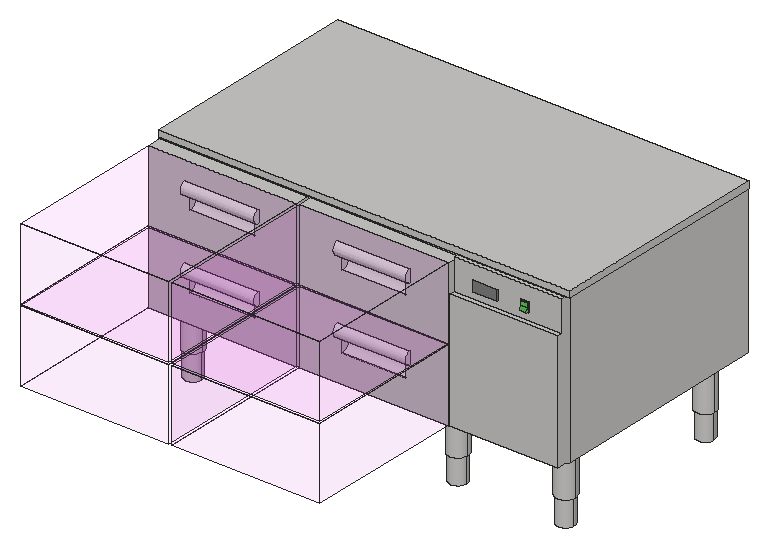
Revit family "QF_ZANUSSI_372295_Z7TTBECOMIN", category Specialty Equipment, Revit 2018
Family settings
  Round Connector Dimension = Use Diameter
  Part Type = Normal
  Work Plane-Based = No
  Always vertical = Yes
  Cut with Voids When Loaded = No
  Shared = No
  Room Calculation Point = No
Parameters (values of type "Standard")
  Weight = 95.00 kg
  Watts = 0 W
  Volts = 230 V
  URL Manufacturer = "http://www.zanussiprofessional.com"
  URL = "http://www.zanussiprofessional.com"
  Steam Supply Size = 0 mm
  Steam Supply Minimum Pressure = 0.0 Pa
  Steam Supply Maximum Pressure = 0.0 Pa
  Steam Pounds per Hour = 0
  Show Clearance [instance] = yes
  Refrigeration Suction Line Size = 0 mm
  Refrigeration Liquid Line Size = 0 mm
  Refrigerant Compressor Remote = yes
  Manufacturer = "Zanussi"
  Phase = 1
  Model = "Z7TTBECOMIN"
  Length Actual = 1200 mm  # constant formula
  Item Number = "372295"
  Hot Water Size = 0 mm
  Height Actual = 600 mm  # constant formula
  HP = "0.5 HP"
  Gas Size = 0 mm
  Gas KW = 0
  Gas Input Pressure = 0 W
  Direct Waste Size = 12.7 mm
  Description = "REFRIGERATED BASE WITH 4 DRAWERS 1200MM - R290"
  Depth Actual = 700 mm  # constant formula
  Cycle = 50 Hz
  Condensate Return Size = 0 mm
  Compressed Air Volume = 0.0 L/s
  Compressed Air Size = 0 mm
  Compressed Air Pressure = 0.0 Pa
  Cold Water Size = 0 mm
  Accessory = yes
Values of the unnamed type that differ from the named types
  Volts = 0 V
  URL Manufacturer = ""
  Item Number = ""
  Cycle = 0 Hz
Reference planes
  plane 1 "Center X": y = -65.55
  plane 2: z = 0
  plane 3 "Centro (Sinistra/Destra)": x = 0
  plane 4: y = -315.05
  plane 5: y = 194.95
  plane 6 "BACK": y = 282.95
  plane 7 "FRONT": y = -414.05
  plane 8: y = -881.83
  plane 9: x = -544
  plane 10: x = 544
  plane 11: y = -369.551
  plane 12: x = 230
  plane 13: z = 200
  plane 14 "TOP": z = 630
  plane 15: z = 415
  plane 16 "LEFT": x = -600
  plane 17 "RIGHT": x = 600
Forms (mm)
  Extrusion 1, solid, material "QF_Finishes_Stainless Steel"
    sketch origin (-1022.223, -1524, 200) x (-1, 0, 0) y (0, -1, 0)
      loop
        line (-423.223, -1806.95) -> (-423.223, -1154.449) -> (-1621.223, -1154.449) -> (-1621.223, -1806.95) -> (-423.223, -1806.95)
    from 0 to 430
  Extrusion 2, solid, material "QF_Finishes_Stainless Steel"
    sketch origin (599, 0, 0) x (0, 1, 0) y (0, 0, 1)
      loop
        line (-369.551, 629.527) -> (-386.314, 640.994) -> (-397.65, 640.994) -> (-397.65, 549.796) -> (-414.05, 549.796) -> (-414.05, 204.796) -> (-384.714, 204.796) -> (-374.993, 200) -> (-369.551, 200) -> (-369.551, 629.527)
    from 0 to -313
  Extrusion 3, solid, material "QF_Finishes_Black"
    sketch origin (567.8, -397.65, 630.994) x (0, 0, -1) y (1, 0, 0)
      loop
        line (32.198, -86.899) -> (61.199, -86.899) -> (61.199, -64.9) -> (32.198, -64.9) -> (32.198, -86.899)
    from 0 to 1.6
  Extrusion 4, solid, material "QF_Finishes_Grey"
    sketch origin (589, -397.65, 630.994) x (0, 0, -1) y (1, 0, 0)
      loop
        line (32.198, -248.099) -> (61.199, -248.099) -> (61.199, -178.099) -> (32.198, -178.099) -> (32.198, -248.099)
    from 0 to 1.6
  Extrusion 5, solid, material "QF_Finishes_Green"
    sketch origin (502.9, -397.65, 598.796) x (0, 0, -1) y (0, 1, 0)
      loop
        line (2.279, -3.281) -> (14.5, -3.281) -> (25.308, -8.985)
        arc (25.308, -8.985) -> (26.537, -5.394) -> (26.605, -1.6) r 12.221
        line (26.605, -1.6) -> (2.395, -1.6)
        arc (2.395, -1.6) -> (2.308, -2.439) -> (2.279, -3.281) r 12.221
    from -20 to -2
  Extrusion 6, solid, material "QF_Finishes_Stainless Steel"
    sketch origin (-1022.223, -1524, 200) x (-1, 0, 0) y (0, -1, 0)
      loop
        circle (-1581.223, -1646.95) r 12
    from -10 to 0
  Extrusion 7, solid, material "QF_Finishes_Stainless Steel"
    sketch origin (-599, 0, -5) x (0, 1, 0) y (0, 0, 1)
      loop
        line (-369.551, 635) -> (282.95, 635) -> (282.95, 655) -> (-369.551, 655) -> (-369.551, 635)
    from 1198 to 0
  Extrusion 8, solid, material "QF_Finishes_Handrails and Railings"
    sketch origin (-394.028, -157.946, 1924.198) x (0, 0.885087, 0.465426) y (0, -0.465426, 0.885087)
      loop
        arc (-854.629, -1074.965) -> (-878.641, -1082.427) -> (-871.18, -1106.439) r 17.78
        line (-871.18, -1106.439) -> (-854.629, -1074.965)
    from -93.472 to 121.528
  Extrusion 9, solid, material "QF_Finishes_Stainless Steel"
    sketch origin (-594.053, 285.95, 14.715) x (0, 1, 0) y (0, 0, 1)
      loop
        line (-700, 486.991) -> (-660.001, 486.991) -> (-660.001, 530.285) -> (-678.147, 530.285) -> (-678.147, 511.464)
        arc (-678.147, 511.464) -> (-684.405, 495.059) -> (-700, 486.991) r 24.63
    from 118.753 to 309.354
  Extrusion 10, solid, material "QF_Finishes_Handrails and Railings"
    sketch origin (47.972, -157.946, 1924.198) x (0, 0.885087, 0.465426) y (0, -0.465426, 0.885087)
      loop
        arc (-854.629, -1074.965) -> (-878.641, -1082.427) -> (-871.18, -1106.439) r 17.78
        line (-871.18, -1106.439) -> (-854.629, -1074.965)
    from -89.472 to 121.528
  Extrusion 11, solid, material "QF_Finishes_Stainless Steel"
    sketch origin (-152.053, 285.95, 14.715) x (0, 1, 0) y (0, 0, 1)
      loop
        line (-700, 486.991) -> (-660.001, 486.991) -> (-660.001, 530.285) -> (-678.147, 530.285) -> (-678.147, 511.464)
        arc (-678.147, 511.464) -> (-684.405, 495.059) -> (-700, 486.991) r 24.63
    from 122.753 to 309.354
  Extrusion 12, solid, material "QF_Door-Drawer Clearances", visible <- "Show Clearance"
    sketch origin (200, -414.05, 0) x (1, 0, 0) y (0, 0, 1)
      loop
        line (-795, 629.2) -> (-795, 418.503) -> (-360.999, 418.503) -> (-360.999, 629.2) -> (-795, 629.2)
      loop
        line (-353, 629.2) -> (-353, 418.9) -> (81, 418.9) -> (81, 629.2) -> (-353, 629.2)
    from 0 to 467.78
  Extrusion 13, solid, material "QF_Finishes_Stainless Steel"
    sketch origin (0, -414.05, 0) x (-1, 0, 0) y (0, 0, 1)
      loop
        line (595, 629.2) -> (160.999, 629.2) -> (160.999, 418.503) -> (595, 418.503) -> (595, 629.2)
      loop
        line (153, 629.2) -> (-281, 629.2) -> (-281, 418.9) -> (153, 418.9) -> (153, 629.2)
      loop
        line (475.3, 501.706) -> (475.3, 545) -> (284.699, 545) -> (284.699, 501.706) -> (475.3, 501.706)
      loop
        line (29.3, 501.706) -> (29.3, 545) -> (-157.301, 545) -> (-157.301, 501.706) -> (29.3, 501.706)
    from 0 to 40
  Extrusion 14, solid, material "QF_Finishes_Handrails and Railings"
    sketch origin (-394.028, -157.946, 1709.198) x (0, 0.885087, 0.465426) y (0, -0.465426, 0.885087)
      loop
        arc (-854.629, -1074.965) -> (-878.641, -1082.427) -> (-871.18, -1106.439) r 17.78
        line (-871.18, -1106.439) -> (-854.629, -1074.965)
    from -93.472 to 121.528
  Extrusion 15, solid, material "QF_Finishes_Stainless Steel"
    sketch origin (-594.053, 285.95, -200.285) x (0, 1, 0) y (0, 0, 1)
      loop
        line (-700, 486.991) -> (-660.001, 486.991) -> (-660.001, 530.285) -> (-678.147, 530.285) -> (-678.147, 511.464)
        arc (-678.147, 511.464) -> (-684.405, 495.059) -> (-700, 486.991) r 24.63
    from 118.753 to 309.354
  Extrusion 16, solid, material "QF_Finishes_Handrails and Railings"
    sketch origin (47.972, -157.946, 1709.198) x (0, 0.885087, 0.465426) y (0, -0.465426, 0.885087)
      loop
        arc (-854.629, -1074.965) -> (-878.641, -1082.427) -> (-871.18, -1106.439) r 17.78
        line (-871.18, -1106.439) -> (-854.629, -1074.965)
    from -89.472 to 121.528
  Extrusion 17, solid, material "QF_Finishes_Stainless Steel"
    sketch origin (-152.053, 285.95, -200.285) x (0, 1, 0) y (0, 0, 1)
      loop
        line (-700, 486.991) -> (-660.001, 486.991) -> (-660.001, 530.285) -> (-678.147, 530.285) -> (-678.147, 511.464)
        arc (-678.147, 511.464) -> (-684.405, 495.059) -> (-700, 486.991) r 24.63
    from 122.753 to 309.354
  Extrusion 18, solid, material "QF_Door-Drawer Clearances", visible <- "Show Clearance"
    sketch origin (200, -414.05, -215) x (1, 0, 0) y (0, 0, 1)
      loop
        line (-795, 629.2) -> (-795, 418.503) -> (-360.999, 418.503) -> (-360.999, 629.2) -> (-795, 629.2)
      loop
        line (-353, 629.2) -> (-353, 418.9) -> (81, 418.9) -> (81, 629.2) -> (-353, 629.2)
    from 0 to 467.78
  Extrusion 19, solid, material "QF_Finishes_Stainless Steel"
    sketch origin (0, -414.05, -215) x (-1, 0, 0) y (0, 0, 1)
      loop
        line (595, 629.2) -> (160.999, 629.2) -> (160.999, 418.503) -> (595, 418.503) -> (595, 629.2)
      loop
        line (153, 629.2) -> (-281, 629.2) -> (-281, 418.9) -> (153, 418.9) -> (153, 629.2)
      loop
        line (475.3, 501.706) -> (475.3, 545) -> (284.699, 545) -> (284.699, 501.706) -> (475.3, 501.706)
      loop
        line (29.3, 501.706) -> (29.3, 545) -> (-157.301, 545) -> (-157.301, 501.706) -> (29.3, 501.706)
    from 0 to 40
Lines and regions (mm)
  Split face 1
    outline origin (589, -399.25, 630.994) x (0, 0, -1) y (1, 0, 0)
      loop
        line (37.198, -238.099) -> (52.198, -238.099) -> (52.198, -188.099) -> (37.198, -188.099) -> (37.198, -238.099)
  Split face 2
    outline origin (589, -399.25, 630.994) x (0, 0, -1) y (1, 0, 0)
      loop
        line (59.151, -238.099) -> (59.151, -227.099) -> (54.151, -227.099) -> (54.151, -238.099) -> (59.151, -238.099)
  Split face 3
    outline origin (589, -399.25, 630.994) x (0, 0, -1) y (1, 0, 0)
      loop
        line (54.151, -225.099) -> (59.151, -225.099) -> (59.151, -214.099) -> (54.151, -214.099) -> (54.151, -225.099)
  Split face 4
    outline origin (602, -399.25, 630.994) x (0, 0, -1) y (1, 0, 0)
      loop
        line (54.151, -225.099) -> (59.151, -225.099) -> (59.151, -214.099) -> (54.151, -214.099) -> (54.151, -225.099)
  Split face 5
    outline origin (615, -399.25, 630.994) x (0, 0, -1) y (1, 0, 0)
      loop
        line (54.151, -225.099) -> (59.151, -225.099) -> (59.151, -214.099) -> (54.151, -214.099) -> (54.151, -225.099)
  Split face 6
    outline origin (296, -414.05, 713.499) x (1, 0, 0) y (0, 0, 1)
      loop
        arc (52.48, -282.599) -> (56.5, -278.61) -> (52.5, -274.599) r 4
        line (52.5, -274.599) -> (20.5, -274.599)
        arc (20.5, -274.599) -> (16.5, -278.61) -> (20.521, -282.599) r 4
        line (20.521, -282.599) -> (52.48, -282.599)
  Split face 7
    outline origin (296, -414.05, 725.499) x (1, 0, 0) y (0, 0, 1)
      loop
        arc (52.48, -282.599) -> (56.5, -278.61) -> (52.5, -274.599) r 4
        line (52.5, -274.599) -> (20.5, -274.599)
        arc (20.5, -274.599) -> (16.5, -278.61) -> (20.521, -282.599) r 4
        line (20.521, -282.599) -> (52.48, -282.599)
  Split face 8
    outline origin (296, -414.05, 737.499) x (1, 0, 0) y (0, 0, 1)
      loop
        arc (52.48, -282.599) -> (56.5, -278.61) -> (52.5, -274.599) r 4
        line (52.5, -274.599) -> (20.5, -274.599)
        arc (20.5, -274.599) -> (16.5, -278.61) -> (20.521, -282.599) r 4
        line (20.521, -282.599) -> (52.48, -282.599)
  Split face 9
    outline origin (296, -414.05, 749.396) x (1, 0, 0) y (0, 0, 1)
      loop
        arc (52.48, -282.599) -> (56.5, -278.61) -> (52.5, -274.599) r 4
        line (52.5, -274.599) -> (20.5, -274.599)
        arc (20.5, -274.599) -> (16.5, -278.61) -> (20.521, -282.599) r 4
        line (20.521, -282.599) -> (52.48, -282.599)
  Split face 10
    outline origin (296, -414.05, 761.395) x (1, 0, 0) y (0, 0, 1)
      loop
        arc (52.48, -282.599) -> (56.5, -278.61) -> (52.5, -274.599) r 4
        line (52.5, -274.599) -> (20.5, -274.599)
        arc (20.5, -274.599) -> (16.5, -278.61) -> (20.521, -282.599) r 4
        line (20.521, -282.599) -> (52.48, -282.599)
  Split face 11
    outline origin (296, -414.05, 773.395) x (1, 0, 0) y (0, 0, 1)
      loop
        arc (52.48, -282.599) -> (56.5, -278.61) -> (52.5, -274.599) r 4
        line (52.5, -274.599) -> (20.5, -274.599)
        arc (20.5, -274.599) -> (16.5, -278.61) -> (20.521, -282.599) r 4
        line (20.521, -282.599) -> (52.48, -282.599)
  Split face 12
    outline origin (296, -414.05, 785.395) x (1, 0, 0) y (0, 0, 1)
      loop
        arc (52.48, -282.599) -> (56.5, -278.61) -> (52.5, -274.599) r 4
        line (52.5, -274.599) -> (20.5, -274.599)
        arc (20.5, -274.599) -> (16.5, -278.61) -> (20.521, -282.599) r 4
        line (20.521, -282.599) -> (52.48, -282.599)
  Split face 13
    outline origin (296, -414.05, 797.395) x (1, 0, 0) y (0, 0, 1)
      loop
        arc (52.48, -282.599) -> (56.5, -278.61) -> (52.5, -274.599) r 4
        line (52.5, -274.599) -> (20.5, -274.599)
        arc (20.5, -274.599) -> (16.5, -278.61) -> (20.521, -282.599) r 4
        line (20.521, -282.599) -> (52.48, -282.599)
  Split face 14
    outline origin (296, -414.05, 809.395) x (1, 0, 0) y (0, 0, 1)
      loop
        arc (52.48, -282.599) -> (56.5, -278.61) -> (52.5, -274.599) r 4
        line (52.5, -274.599) -> (20.5, -274.599)
        arc (20.5, -274.599) -> (16.5, -278.61) -> (20.521, -282.599) r 4
        line (20.521, -282.599) -> (52.48, -282.599)
  Split face 15
    outline origin (296, -414.05, 701.499) x (1, 0, 0) y (0, 0, 1)
      loop
        arc (52.48, -282.599) -> (56.5, -278.61) -> (52.5, -274.599) r 4
        line (52.5, -274.599) -> (20.5, -274.599)
        arc (20.5, -274.599) -> (16.5, -278.61) -> (20.521, -282.599) r 4
        line (20.521, -282.599) -> (52.48, -282.599)
  Split face 16
    outline origin (296, -414.05, 605.603) x (1, 0, 0) y (0, 0, 1)
      loop
        arc (52.48, -282.599) -> (56.5, -278.61) -> (52.5, -274.599) r 4
        line (52.5, -274.599) -> (20.5, -274.599)
        arc (20.5, -274.599) -> (16.5, -278.61) -> (20.521, -282.599) r 4
        line (20.521, -282.599) -> (52.48, -282.599)
  Split face 17
    outline origin (296, -414.05, 617.603) x (1, 0, 0) y (0, 0, 1)
      loop
        arc (52.48, -282.599) -> (56.5, -278.61) -> (52.5, -274.599) r 4
        line (52.5, -274.599) -> (20.5, -274.599)
        arc (20.5, -274.599) -> (16.5, -278.61) -> (20.521, -282.599) r 4
        line (20.521, -282.599) -> (52.48, -282.599)
  Split face 18
    outline origin (296, -414.05, 629.602) x (1, 0, 0) y (0, 0, 1)
      loop
        arc (52.48, -282.599) -> (56.5, -278.61) -> (52.5, -274.599) r 4
        line (52.5, -274.599) -> (20.5, -274.599)
        arc (20.5, -274.599) -> (16.5, -278.61) -> (20.521, -282.599) r 4
        line (20.521, -282.599) -> (52.48, -282.599)
  Split face 19
    outline origin (296, -414.05, 677.499) x (1, 0, 0) y (0, 0, 1)
      loop
        arc (52.48, -282.599) -> (56.5, -278.61) -> (52.5, -274.599) r 4
        line (52.5, -274.599) -> (20.5, -274.599)
        arc (20.5, -274.599) -> (16.5, -278.61) -> (20.521, -282.599) r 4
        line (20.521, -282.599) -> (52.48, -282.599)
  Split face 20
    outline origin (296, -414.05, 689.499) x (1, 0, 0) y (0, 0, 1)
      loop
        arc (52.48, -282.599) -> (56.5, -278.61) -> (52.5, -274.599) r 4
        line (52.5, -274.599) -> (20.5, -274.599)
        arc (20.5, -274.599) -> (16.5, -278.61) -> (20.521, -282.599) r 4
        line (20.521, -282.599) -> (52.48, -282.599)
  Split face 21
    outline origin (296, -414.05, 593.603) x (1, 0, 0) y (0, 0, 1)
      loop
        arc (52.48, -282.599) -> (56.5, -278.61) -> (52.5, -274.599) r 4
        line (52.5, -274.599) -> (20.5, -274.599)
        arc (20.5, -274.599) -> (16.5, -278.61) -> (20.521, -282.599) r 4
        line (20.521, -282.599) -> (52.48, -282.599)
  Split face 22
    outline origin (296, -414.05, 497.707) x (1, 0, 0) y (0, 0, 1)
      loop
        arc (52.48, -282.599) -> (56.5, -278.61) -> (52.5, -274.599) r 4
        line (52.5, -274.599) -> (20.5, -274.599)
        arc (20.5, -274.599) -> (16.5, -278.61) -> (20.521, -282.599) r 4
        line (20.521, -282.599) -> (52.48, -282.599)
  Split face 23
    outline origin (296, -414.05, 509.707) x (1, 0, 0) y (0, 0, 1)
      loop
        arc (52.48, -282.599) -> (56.5, -278.61) -> (52.5, -274.599) r 4
        line (52.5, -274.599) -> (20.5, -274.599)
        arc (20.5, -274.599) -> (16.5, -278.61) -> (20.521, -282.599) r 4
        line (20.521, -282.599) -> (52.48, -282.599)
  Split face 24
    outline origin (296, -414.05, 521.706) x (1, 0, 0) y (0, 0, 1)
      loop
        arc (52.48, -282.599) -> (56.5, -278.61) -> (52.5, -274.599) r 4
        line (52.5, -274.599) -> (20.5, -274.599)
        arc (20.5, -274.599) -> (16.5, -278.61) -> (20.521, -282.599) r 4
        line (20.521, -282.599) -> (52.48, -282.599)
  Split face 25
    outline origin (296, -414.05, 533.604) x (1, 0, 0) y (0, 0, 1)
      loop
        arc (52.48, -282.599) -> (56.5, -278.61) -> (52.5, -274.599) r 4
        line (52.5, -274.599) -> (20.5, -274.599)
        arc (20.5, -274.599) -> (16.5, -278.61) -> (20.521, -282.599) r 4
        line (20.521, -282.599) -> (52.48, -282.599)
  Split face 26
    outline origin (296, -414.05, 545.603) x (1, 0, 0) y (0, 0, 1)
      loop
        arc (52.48, -282.599) -> (56.5, -278.61) -> (52.5, -274.599) r 4
        line (52.5, -274.599) -> (20.5, -274.599)
        arc (20.5, -274.599) -> (16.5, -278.61) -> (20.521, -282.599) r 4
        line (20.521, -282.599) -> (52.48, -282.599)
  Split face 27
    outline origin (296, -414.05, 557.603) x (1, 0, 0) y (0, 0, 1)
      loop
        arc (52.48, -282.599) -> (56.5, -278.61) -> (52.5, -274.599) r 4
        line (52.5, -274.599) -> (20.5, -274.599)
        arc (20.5, -274.599) -> (16.5, -278.61) -> (20.521, -282.599) r 4
        line (20.521, -282.599) -> (52.48, -282.599)
  Split face 28
    outline origin (296, -414.05, 569.603) x (1, 0, 0) y (0, 0, 1)
      loop
        arc (52.48, -282.599) -> (56.5, -278.61) -> (52.5, -274.599) r 4
        line (52.5, -274.599) -> (20.5, -274.599)
        arc (20.5, -274.599) -> (16.5, -278.61) -> (20.521, -282.599) r 4
        line (20.521, -282.599) -> (52.48, -282.599)
  Split face 29
    outline origin (296, -414.05, 581.603) x (1, 0, 0) y (0, 0, 1)
      loop
        arc (52.48, -282.599) -> (56.5, -278.61) -> (52.5, -274.599) r 4
        line (52.5, -274.599) -> (20.5, -274.599)
        arc (20.5, -274.599) -> (16.5, -278.61) -> (20.521, -282.599) r 4
        line (20.521, -282.599) -> (52.48, -282.599)
  Split face 30
    outline origin (351, -414.05, 713.499) x (1, 0, 0) y (0, 0, 1)
      loop
        arc (52.48, -282.599) -> (56.5, -278.61) -> (52.5, -274.599) r 4
        line (52.5, -274.599) -> (20.5, -274.599)
        arc (20.5, -274.599) -> (16.5, -278.61) -> (20.521, -282.599) r 4
        line (20.521, -282.599) -> (52.48, -282.599)
  Split face 31
    outline origin (351, -414.05, 725.499) x (1, 0, 0) y (0, 0, 1)
      loop
        arc (52.48, -282.599) -> (56.5, -278.61) -> (52.5, -274.599) r 4
        line (52.5, -274.599) -> (20.5, -274.599)
        arc (20.5, -274.599) -> (16.5, -278.61) -> (20.521, -282.599) r 4
        line (20.521, -282.599) -> (52.48, -282.599)
  Split face 32
    outline origin (351, -414.05, 737.499) x (1, 0, 0) y (0, 0, 1)
      loop
        arc (52.48, -282.599) -> (56.5, -278.61) -> (52.5, -274.599) r 4
        line (52.5, -274.599) -> (20.5, -274.599)
        arc (20.5, -274.599) -> (16.5, -278.61) -> (20.521, -282.599) r 4
        line (20.521, -282.599) -> (52.48, -282.599)
  Split face 33
    outline origin (351, -414.05, 749.396) x (1, 0, 0) y (0, 0, 1)
      loop
        arc (52.48, -282.599) -> (56.5, -278.61) -> (52.5, -274.599) r 4
        line (52.5, -274.599) -> (20.5, -274.599)
        arc (20.5, -274.599) -> (16.5, -278.61) -> (20.521, -282.599) r 4
        line (20.521, -282.599) -> (52.48, -282.599)
  Split face 34
    outline origin (351, -414.05, 761.395) x (1, 0, 0) y (0, 0, 1)
      loop
        arc (52.48, -282.599) -> (56.5, -278.61) -> (52.5, -274.599) r 4
        line (52.5, -274.599) -> (20.5, -274.599)
        arc (20.5, -274.599) -> (16.5, -278.61) -> (20.521, -282.599) r 4
        line (20.521, -282.599) -> (52.48, -282.599)
  Split face 35
    outline origin (351, -414.05, 773.395) x (1, 0, 0) y (0, 0, 1)
      loop
        arc (52.48, -282.599) -> (56.5, -278.61) -> (52.5, -274.599) r 4
        line (52.5, -274.599) -> (20.5, -274.599)
        arc (20.5, -274.599) -> (16.5, -278.61) -> (20.521, -282.599) r 4
        line (20.521, -282.599) -> (52.48, -282.599)
  Split face 36
    outline origin (351, -414.05, 785.395) x (1, 0, 0) y (0, 0, 1)
      loop
        arc (52.48, -282.599) -> (56.5, -278.61) -> (52.5, -274.599) r 4
        line (52.5, -274.599) -> (20.5, -274.599)
        arc (20.5, -274.599) -> (16.5, -278.61) -> (20.521, -282.599) r 4
        line (20.521, -282.599) -> (52.48, -282.599)
  Split face 37
    outline origin (351, -414.05, 797.395) x (1, 0, 0) y (0, 0, 1)
      loop
        arc (52.48, -282.599) -> (56.5, -278.61) -> (52.5, -274.599) r 4
        line (52.5, -274.599) -> (20.5, -274.599)
        arc (20.5, -274.599) -> (16.5, -278.61) -> (20.521, -282.599) r 4
        line (20.521, -282.599) -> (52.48, -282.599)
  Split face 38
    outline origin (351, -414.05, 809.395) x (1, 0, 0) y (0, 0, 1)
      loop
        arc (52.48, -282.599) -> (56.5, -278.61) -> (52.5, -274.599) r 4
        line (52.5, -274.599) -> (20.5, -274.599)
        arc (20.5, -274.599) -> (16.5, -278.61) -> (20.521, -282.599) r 4
        line (20.521, -282.599) -> (52.48, -282.599)
  Split face 39
    outline origin (351, -414.05, 701.499) x (1, 0, 0) y (0, 0, 1)
      loop
        arc (52.48, -282.599) -> (56.5, -278.61) -> (52.5, -274.599) r 4
        line (52.5, -274.599) -> (20.5, -274.599)
        arc (20.5, -274.599) -> (16.5, -278.61) -> (20.521, -282.599) r 4
        line (20.521, -282.599) -> (52.48, -282.599)
  Split face 40
    outline origin (351, -414.05, 605.603) x (1, 0, 0) y (0, 0, 1)
      loop
        arc (52.48, -282.599) -> (56.5, -278.61) -> (52.5, -274.599) r 4
        line (52.5, -274.599) -> (20.5, -274.599)
        arc (20.5, -274.599) -> (16.5, -278.61) -> (20.521, -282.599) r 4
        line (20.521, -282.599) -> (52.48, -282.599)
  Split face 41
    outline origin (351, -414.05, 617.603) x (1, 0, 0) y (0, 0, 1)
      loop
        arc (52.48, -282.599) -> (56.5, -278.61) -> (52.5, -274.599) r 4
        line (52.5, -274.599) -> (20.5, -274.599)
        arc (20.5, -274.599) -> (16.5, -278.61) -> (20.521, -282.599) r 4
        line (20.521, -282.599) -> (52.48, -282.599)
  Split face 42
    outline origin (351, -414.05, 629.602) x (1, 0, 0) y (0, 0, 1)
      loop
        arc (52.48, -282.599) -> (56.5, -278.61) -> (52.5, -274.599) r 4
        line (52.5, -274.599) -> (20.5, -274.599)
        arc (20.5, -274.599) -> (16.5, -278.61) -> (20.521, -282.599) r 4
        line (20.521, -282.599) -> (52.48, -282.599)
  Split face 43
    outline origin (351, -414.05, 677.499) x (1, 0, 0) y (0, 0, 1)
      loop
        arc (52.48, -282.599) -> (56.5, -278.61) -> (52.5, -274.599) r 4
        line (52.5, -274.599) -> (20.5, -274.599)
        arc (20.5, -274.599) -> (16.5, -278.61) -> (20.521, -282.599) r 4
        line (20.521, -282.599) -> (52.48, -282.599)
  Split face 44
    outline origin (351, -414.05, 689.499) x (1, 0, 0) y (0, 0, 1)
      loop
        arc (52.48, -282.599) -> (56.5, -278.61) -> (52.5, -274.599) r 4
        line (52.5, -274.599) -> (20.5, -274.599)
        arc (20.5, -274.599) -> (16.5, -278.61) -> (20.521, -282.599) r 4
        line (20.521, -282.599) -> (52.48, -282.599)
  Split face 45
    outline origin (351, -414.05, 593.603) x (1, 0, 0) y (0, 0, 1)
      loop
        arc (52.48, -282.599) -> (56.5, -278.61) -> (52.5, -274.599) r 4
        line (52.5, -274.599) -> (20.5, -274.599)
        arc (20.5, -274.599) -> (16.5, -278.61) -> (20.521, -282.599) r 4
        line (20.521, -282.599) -> (52.48, -282.599)
  Split face 46
    outline origin (351, -414.05, 497.707) x (1, 0, 0) y (0, 0, 1)
      loop
        arc (52.48, -282.599) -> (56.5, -278.61) -> (52.5, -274.599) r 4
        line (52.5, -274.599) -> (20.5, -274.599)
        arc (20.5, -274.599) -> (16.5, -278.61) -> (20.521, -282.599) r 4
        line (20.521, -282.599) -> (52.48, -282.599)
  Split face 47
    outline origin (351, -414.05, 509.707) x (1, 0, 0) y (0, 0, 1)
      loop
        arc (52.48, -282.599) -> (56.5, -278.61) -> (52.5, -274.599) r 4
        line (52.5, -274.599) -> (20.5, -274.599)
        arc (20.5, -274.599) -> (16.5, -278.61) -> (20.521, -282.599) r 4
        line (20.521, -282.599) -> (52.48, -282.599)
  Split face 48
    outline origin (351, -414.05, 521.706) x (1, 0, 0) y (0, 0, 1)
      loop
        arc (52.48, -282.599) -> (56.5, -278.61) -> (52.5, -274.599) r 4
        line (52.5, -274.599) -> (20.5, -274.599)
        arc (20.5, -274.599) -> (16.5, -278.61) -> (20.521, -282.599) r 4
        line (20.521, -282.599) -> (52.48, -282.599)
  Split face 49
    outline origin (351, -414.05, 533.604) x (1, 0, 0) y (0, 0, 1)
      loop
        arc (52.48, -282.599) -> (56.5, -278.61) -> (52.5, -274.599) r 4
        line (52.5, -274.599) -> (20.5, -274.599)
        arc (20.5, -274.599) -> (16.5, -278.61) -> (20.521, -282.599) r 4
        line (20.521, -282.599) -> (52.48, -282.599)
  Split face 50
    outline origin (351, -414.05, 545.603) x (1, 0, 0) y (0, 0, 1)
      loop
        arc (52.48, -282.599) -> (56.5, -278.61) -> (52.5, -274.599) r 4
        line (52.5, -274.599) -> (20.5, -274.599)
        arc (20.5, -274.599) -> (16.5, -278.61) -> (20.521, -282.599) r 4
        line (20.521, -282.599) -> (52.48, -282.599)
  Split face 51
    outline origin (351, -414.05, 557.603) x (1, 0, 0) y (0, 0, 1)
      loop
        arc (52.48, -282.599) -> (56.5, -278.61) -> (52.5, -274.599) r 4
        line (52.5, -274.599) -> (20.5, -274.599)
        arc (20.5, -274.599) -> (16.5, -278.61) -> (20.521, -282.599) r 4
        line (20.521, -282.599) -> (52.48, -282.599)
  Split face 52
    outline origin (351, -414.05, 569.603) x (1, 0, 0) y (0, 0, 1)
      loop
        arc (52.48, -282.599) -> (56.5, -278.61) -> (52.5, -274.599) r 4
        line (52.5, -274.599) -> (20.5, -274.599)
        arc (20.5, -274.599) -> (16.5, -278.61) -> (20.521, -282.599) r 4
        line (20.521, -282.599) -> (52.48, -282.599)
  Split face 53
    outline origin (351, -414.05, 581.603) x (1, 0, 0) y (0, 0, 1)
      loop
        arc (52.48, -282.599) -> (56.5, -278.61) -> (52.5, -274.599) r 4
        line (52.5, -274.599) -> (20.5, -274.599)
        arc (20.5, -274.599) -> (16.5, -278.61) -> (20.521, -282.599) r 4
        line (20.521, -282.599) -> (52.48, -282.599)
  Split face 54
    outline origin (406, -414.05, 713.499) x (1, 0, 0) y (0, 0, 1)
      loop
        arc (52.48, -282.599) -> (56.5, -278.61) -> (52.5, -274.599) r 4
        line (52.5, -274.599) -> (20.5, -274.599)
        arc (20.5, -274.599) -> (16.5, -278.61) -> (20.521, -282.599) r 4
        line (20.521, -282.599) -> (52.48, -282.599)
  Split face 55
    outline origin (406, -414.05, 725.499) x (1, 0, 0) y (0, 0, 1)
      loop
        arc (52.48, -282.599) -> (56.5, -278.61) -> (52.5, -274.599) r 4
        line (52.5, -274.599) -> (20.5, -274.599)
        arc (20.5, -274.599) -> (16.5, -278.61) -> (20.521, -282.599) r 4
        line (20.521, -282.599) -> (52.48, -282.599)
  Split face 56
    outline origin (406, -414.05, 737.499) x (1, 0, 0) y (0, 0, 1)
      loop
        arc (52.48, -282.599) -> (56.5, -278.61) -> (52.5, -274.599) r 4
        line (52.5, -274.599) -> (20.5, -274.599)
        arc (20.5, -274.599) -> (16.5, -278.61) -> (20.521, -282.599) r 4
        line (20.521, -282.599) -> (52.48, -282.599)
  Split face 57
    outline origin (406, -414.05, 749.396) x (1, 0, 0) y (0, 0, 1)
      loop
        arc (52.48, -282.599) -> (56.5, -278.61) -> (52.5, -274.599) r 4
        line (52.5, -274.599) -> (20.5, -274.599)
        arc (20.5, -274.599) -> (16.5, -278.61) -> (20.521, -282.599) r 4
        line (20.521, -282.599) -> (52.48, -282.599)
  Split face 58
    outline origin (406, -414.05, 761.395) x (1, 0, 0) y (0, 0, 1)
      loop
        arc (52.48, -282.599) -> (56.5, -278.61) -> (52.5, -274.599) r 4
        line (52.5, -274.599) -> (20.5, -274.599)
        arc (20.5, -274.599) -> (16.5, -278.61) -> (20.521, -282.599) r 4
        line (20.521, -282.599) -> (52.48, -282.599)
  Split face 59
    outline origin (406, -414.05, 773.395) x (1, 0, 0) y (0, 0, 1)
      loop
        arc (52.48, -282.599) -> (56.5, -278.61) -> (52.5, -274.599) r 4
        line (52.5, -274.599) -> (20.5, -274.599)
        arc (20.5, -274.599) -> (16.5, -278.61) -> (20.521, -282.599) r 4
        line (20.521, -282.599) -> (52.48, -282.599)
  Split face 60
    outline origin (406, -414.05, 785.395) x (1, 0, 0) y (0, 0, 1)
      loop
        arc (52.48, -282.599) -> (56.5, -278.61) -> (52.5, -274.599) r 4
        line (52.5, -274.599) -> (20.5, -274.599)
        arc (20.5, -274.599) -> (16.5, -278.61) -> (20.521, -282.599) r 4
        line (20.521, -282.599) -> (52.48, -282.599)
  Split face 61
    outline origin (406, -414.05, 797.395) x (1, 0, 0) y (0, 0, 1)
      loop
        arc (52.48, -282.599) -> (56.5, -278.61) -> (52.5, -274.599) r 4
        line (52.5, -274.599) -> (20.5, -274.599)
        arc (20.5, -274.599) -> (16.5, -278.61) -> (20.521, -282.599) r 4
        line (20.521, -282.599) -> (52.48, -282.599)
  Split face 62
    outline origin (406, -414.05, 809.395) x (1, 0, 0) y (0, 0, 1)
      loop
        arc (52.48, -282.599) -> (56.5, -278.61) -> (52.5, -274.599) r 4
        line (52.5, -274.599) -> (20.5, -274.599)
        arc (20.5, -274.599) -> (16.5, -278.61) -> (20.521, -282.599) r 4
        line (20.521, -282.599) -> (52.48, -282.599)
  Split face 63
    outline origin (406, -414.05, 701.499) x (1, 0, 0) y (0, 0, 1)
      loop
        arc (52.48, -282.599) -> (56.5, -278.61) -> (52.5, -274.599) r 4
        line (52.5, -274.599) -> (20.5, -274.599)
        arc (20.5, -274.599) -> (16.5, -278.61) -> (20.521, -282.599) r 4
        line (20.521, -282.599) -> (52.48, -282.599)
  Split face 64
    outline origin (406, -414.05, 605.603) x (1, 0, 0) y (0, 0, 1)
      loop
        arc (52.48, -282.599) -> (56.5, -278.61) -> (52.5, -274.599) r 4
        line (52.5, -274.599) -> (20.5, -274.599)
        arc (20.5, -274.599) -> (16.5, -278.61) -> (20.521, -282.599) r 4
        line (20.521, -282.599) -> (52.48, -282.599)
  Split face 65
    outline origin (406, -414.05, 617.603) x (1, 0, 0) y (0, 0, 1)
      loop
        arc (52.48, -282.599) -> (56.5, -278.61) -> (52.5, -274.599) r 4
        line (52.5, -274.599) -> (20.5, -274.599)
        arc (20.5, -274.599) -> (16.5, -278.61) -> (20.521, -282.599) r 4
        line (20.521, -282.599) -> (52.48, -282.599)
  Split face 66
    outline origin (406, -414.05, 629.602) x (1, 0, 0) y (0, 0, 1)
      loop
        arc (52.48, -282.599) -> (56.5, -278.61) -> (52.5, -274.599) r 4
        line (52.5, -274.599) -> (20.5, -274.599)
        arc (20.5, -274.599) -> (16.5, -278.61) -> (20.521, -282.599) r 4
        line (20.521, -282.599) -> (52.48, -282.599)
  Split face 67
    outline origin (406, -414.05, 677.499) x (1, 0, 0) y (0, 0, 1)
      loop
        arc (52.48, -282.599) -> (56.5, -278.61) -> (52.5, -274.599) r 4
        line (52.5, -274.599) -> (20.5, -274.599)
        arc (20.5, -274.599) -> (16.5, -278.61) -> (20.521, -282.599) r 4
        line (20.521, -282.599) -> (52.48, -282.599)
  Split face 68
    outline origin (406, -414.05, 689.499) x (1, 0, 0) y (0, 0, 1)
      loop
        arc (52.48, -282.599) -> (56.5, -278.61) -> (52.5, -274.599) r 4
        line (52.5, -274.599) -> (20.5, -274.599)
        arc (20.5, -274.599) -> (16.5, -278.61) -> (20.521, -282.599) r 4
        line (20.521, -282.599) -> (52.48, -282.599)
  Split face 69
    outline origin (406, -414.05, 593.603) x (1, 0, 0) y (0, 0, 1)
      loop
        arc (52.48, -282.599) -> (56.5, -278.61) -> (52.5, -274.599) r 4
        line (52.5, -274.599) -> (20.5, -274.599)
        arc (20.5, -274.599) -> (16.5, -278.61) -> (20.521, -282.599) r 4
        line (20.521, -282.599) -> (52.48, -282.599)
  Split face 70
    outline origin (406, -414.05, 497.707) x (1, 0, 0) y (0, 0, 1)
      loop
        arc (52.48, -282.599) -> (56.5, -278.61) -> (52.5, -274.599) r 4
        line (52.5, -274.599) -> (20.5, -274.599)
        arc (20.5, -274.599) -> (16.5, -278.61) -> (20.521, -282.599) r 4
        line (20.521, -282.599) -> (52.48, -282.599)
  Split face 71
    outline origin (406, -414.05, 509.707) x (1, 0, 0) y (0, 0, 1)
      loop
        arc (52.48, -282.599) -> (56.5, -278.61) -> (52.5, -274.599) r 4
        line (52.5, -274.599) -> (20.5, -274.599)
        arc (20.5, -274.599) -> (16.5, -278.61) -> (20.521, -282.599) r 4
        line (20.521, -282.599) -> (52.48, -282.599)
  Split face 72
    outline origin (406, -414.05, 521.706) x (1, 0, 0) y (0, 0, 1)
      loop
        arc (52.48, -282.599) -> (56.5, -278.61) -> (52.5, -274.599) r 4
        line (52.5, -274.599) -> (20.5, -274.599)
        arc (20.5, -274.599) -> (16.5, -278.61) -> (20.521, -282.599) r 4
        line (20.521, -282.599) -> (52.48, -282.599)
  Split face 73
    outline origin (406, -414.05, 533.604) x (1, 0, 0) y (0, 0, 1)
      loop
        arc (52.48, -282.599) -> (56.5, -278.61) -> (52.5, -274.599) r 4
        line (52.5, -274.599) -> (20.5, -274.599)
        arc (20.5, -274.599) -> (16.5, -278.61) -> (20.521, -282.599) r 4
        line (20.521, -282.599) -> (52.48, -282.599)
  Split face 74
    outline origin (406, -414.05, 545.603) x (1, 0, 0) y (0, 0, 1)
      loop
        arc (52.48, -282.599) -> (56.5, -278.61) -> (52.5, -274.599) r 4
        line (52.5, -274.599) -> (20.5, -274.599)
        arc (20.5, -274.599) -> (16.5, -278.61) -> (20.521, -282.599) r 4
        line (20.521, -282.599) -> (52.48, -282.599)
  Split face 75
    outline origin (406, -414.05, 557.603) x (1, 0, 0) y (0, 0, 1)
      loop
        arc (52.48, -282.599) -> (56.5, -278.61) -> (52.5, -274.599) r 4
        line (52.5, -274.599) -> (20.5, -274.599)
        arc (20.5, -274.599) -> (16.5, -278.61) -> (20.521, -282.599) r 4
        line (20.521, -282.599) -> (52.48, -282.599)
  Split face 76
    outline origin (406, -414.05, 569.603) x (1, 0, 0) y (0, 0, 1)
      loop
        arc (52.48, -282.599) -> (56.5, -278.61) -> (52.5, -274.599) r 4
        line (52.5, -274.599) -> (20.5, -274.599)
        arc (20.5, -274.599) -> (16.5, -278.61) -> (20.521, -282.599) r 4
        line (20.521, -282.599) -> (52.48, -282.599)
  Split face 77
    outline origin (406, -414.05, 581.603) x (1, 0, 0) y (0, 0, 1)
      loop
        arc (52.48, -282.599) -> (56.5, -278.61) -> (52.5, -274.599) r 4
        line (52.5, -274.599) -> (20.5, -274.599)
        arc (20.5, -274.599) -> (16.5, -278.61) -> (20.521, -282.599) r 4
        line (20.521, -282.599) -> (52.48, -282.599)
  Split face 78
    outline origin (461, -414.05, 713.499) x (1, 0, 0) y (0, 0, 1)
      loop
        arc (52.48, -282.599) -> (56.5, -278.61) -> (52.5, -274.599) r 4
        line (52.5, -274.599) -> (20.5, -274.599)
        arc (20.5, -274.599) -> (16.5, -278.61) -> (20.521, -282.599) r 4
        line (20.521, -282.599) -> (52.48, -282.599)
  Split face 79
    outline origin (461, -414.05, 725.499) x (1, 0, 0) y (0, 0, 1)
      loop
        arc (52.48, -282.599) -> (56.5, -278.61) -> (52.5, -274.599) r 4
        line (52.5, -274.599) -> (20.5, -274.599)
        arc (20.5, -274.599) -> (16.5, -278.61) -> (20.521, -282.599) r 4
        line (20.521, -282.599) -> (52.48, -282.599)
  Split face 80
    outline origin (461, -414.05, 737.499) x (1, 0, 0) y (0, 0, 1)
      loop
        arc (52.48, -282.599) -> (56.5, -278.61) -> (52.5, -274.599) r 4
        line (52.5, -274.599) -> (20.5, -274.599)
        arc (20.5, -274.599) -> (16.5, -278.61) -> (20.521, -282.599) r 4
        line (20.521, -282.599) -> (52.48, -282.599)
  Split face 81
    outline origin (461, -414.05, 749.396) x (1, 0, 0) y (0, 0, 1)
      loop
        arc (52.48, -282.599) -> (56.5, -278.61) -> (52.5, -274.599) r 4
        line (52.5, -274.599) -> (20.5, -274.599)
        arc (20.5, -274.599) -> (16.5, -278.61) -> (20.521, -282.599) r 4
        line (20.521, -282.599) -> (52.48, -282.599)
  Split face 82
    outline origin (461, -414.05, 761.395) x (1, 0, 0) y (0, 0, 1)
      loop
        arc (52.48, -282.599) -> (56.5, -278.61) -> (52.5, -274.599) r 4
        line (52.5, -274.599) -> (20.5, -274.599)
        arc (20.5, -274.599) -> (16.5, -278.61) -> (20.521, -282.599) r 4
        line (20.521, -282.599) -> (52.48, -282.599)
  Split face 83
    outline origin (461, -414.05, 773.395) x (1, 0, 0) y (0, 0, 1)
      loop
        arc (52.48, -282.599) -> (56.5, -278.61) -> (52.5, -274.599) r 4
        line (52.5, -274.599) -> (20.5, -274.599)
        arc (20.5, -274.599) -> (16.5, -278.61) -> (20.521, -282.599) r 4
        line (20.521, -282.599) -> (52.48, -282.599)
  Split face 84
    outline origin (461, -414.05, 785.395) x (1, 0, 0) y (0, 0, 1)
      loop
        arc (52.48, -282.599) -> (56.5, -278.61) -> (52.5, -274.599) r 4
        line (52.5, -274.599) -> (20.5, -274.599)
        arc (20.5, -274.599) -> (16.5, -278.61) -> (20.521, -282.599) r 4
        line (20.521, -282.599) -> (52.48, -282.599)
  Split face 85
    outline origin (461, -414.05, 797.395) x (1, 0, 0) y (0, 0, 1)
      loop
        arc (52.48, -282.599) -> (56.5, -278.61) -> (52.5, -274.599) r 4
        line (52.5, -274.599) -> (20.5, -274.599)
        arc (20.5, -274.599) -> (16.5, -278.61) -> (20.521, -282.599) r 4
        line (20.521, -282.599) -> (52.48, -282.599)
  Split face 86
    outline origin (461, -414.05, 809.395) x (1, 0, 0) y (0, 0, 1)
      loop
        arc (52.48, -282.599) -> (56.5, -278.61) -> (52.5, -274.599) r 4
        line (52.5, -274.599) -> (20.5, -274.599)
        arc (20.5, -274.599) -> (16.5, -278.61) -> (20.521, -282.599) r 4
        line (20.521, -282.599) -> (52.48, -282.599)
  Split face 87
    outline origin (461, -414.05, 701.499) x (1, 0, 0) y (0, 0, 1)
      loop
        arc (52.48, -282.599) -> (56.5, -278.61) -> (52.5, -274.599) r 4
        line (52.5, -274.599) -> (20.5, -274.599)
        arc (20.5, -274.599) -> (16.5, -278.61) -> (20.521, -282.599) r 4
        line (20.521, -282.599) -> (52.48, -282.599)
  Split face 88
    outline origin (461, -414.05, 605.603) x (1, 0, 0) y (0, 0, 1)
      loop
        arc (52.48, -282.599) -> (56.5, -278.61) -> (52.5, -274.599) r 4
        line (52.5, -274.599) -> (20.5, -274.599)
        arc (20.5, -274.599) -> (16.5, -278.61) -> (20.521, -282.599) r 4
        line (20.521, -282.599) -> (52.48, -282.599)
  Split face 89
    outline origin (461, -414.05, 617.603) x (1, 0, 0) y (0, 0, 1)
      loop
        arc (52.48, -282.599) -> (56.5, -278.61) -> (52.5, -274.599) r 4
        line (52.5, -274.599) -> (20.5, -274.599)
        arc (20.5, -274.599) -> (16.5, -278.61) -> (20.521, -282.599) r 4
        line (20.521, -282.599) -> (52.48, -282.599)
  Split face 90
    outline origin (461, -414.05, 629.602) x (1, 0, 0) y (0, 0, 1)
      loop
        arc (52.48, -282.599) -> (56.5, -278.61) -> (52.5, -274.599) r 4
        line (52.5, -274.599) -> (20.5, -274.599)
        arc (20.5, -274.599) -> (16.5, -278.61) -> (20.521, -282.599) r 4
        line (20.521, -282.599) -> (52.48, -282.599)
  Split face 91
    outline origin (461, -414.05, 677.499) x (1, 0, 0) y (0, 0, 1)
      loop
        arc (52.48, -282.599) -> (56.5, -278.61) -> (52.5, -274.599) r 4
        line (52.5, -274.599) -> (20.5, -274.599)
        arc (20.5, -274.599) -> (16.5, -278.61) -> (20.521, -282.599) r 4
        line (20.521, -282.599) -> (52.48, -282.599)
  Split face 92
    outline origin (461, -414.05, 689.499) x (1, 0, 0) y (0, 0, 1)
      loop
        arc (52.48, -282.599) -> (56.5, -278.61) -> (52.5, -274.599) r 4
        line (52.5, -274.599) -> (20.5, -274.599)
        arc (20.5, -274.599) -> (16.5, -278.61) -> (20.521, -282.599) r 4
        line (20.521, -282.599) -> (52.48, -282.599)
  Split face 93
    outline origin (461, -414.05, 593.603) x (1, 0, 0) y (0, 0, 1)
      loop
        arc (52.48, -282.599) -> (56.5, -278.61) -> (52.5, -274.599) r 4
        line (52.5, -274.599) -> (20.5, -274.599)
        arc (20.5, -274.599) -> (16.5, -278.61) -> (20.521, -282.599) r 4
        line (20.521, -282.599) -> (52.48, -282.599)
  Split face 94
    outline origin (461, -414.05, 497.707) x (1, 0, 0) y (0, 0, 1)
      loop
        arc (52.48, -282.599) -> (56.5, -278.61) -> (52.5, -274.599) r 4
        line (52.5, -274.599) -> (20.5, -274.599)
        arc (20.5, -274.599) -> (16.5, -278.61) -> (20.521, -282.599) r 4
        line (20.521, -282.599) -> (52.48, -282.599)
  Split face 95
    outline origin (461, -414.05, 509.707) x (1, 0, 0) y (0, 0, 1)
      loop
        arc (52.48, -282.599) -> (56.5, -278.61) -> (52.5, -274.599) r 4
        line (52.5, -274.599) -> (20.5, -274.599)
        arc (20.5, -274.599) -> (16.5, -278.61) -> (20.521, -282.599) r 4
        line (20.521, -282.599) -> (52.48, -282.599)
  Split face 96
    outline origin (461, -414.05, 521.706) x (1, 0, 0) y (0, 0, 1)
      loop
        arc (52.48, -282.599) -> (56.5, -278.61) -> (52.5, -274.599) r 4
        line (52.5, -274.599) -> (20.5, -274.599)
        arc (20.5, -274.599) -> (16.5, -278.61) -> (20.521, -282.599) r 4
        line (20.521, -282.599) -> (52.48, -282.599)
  Split face 97
    outline origin (461, -414.05, 533.604) x (1, 0, 0) y (0, 0, 1)
      loop
        arc (52.48, -282.599) -> (56.5, -278.61) -> (52.5, -274.599) r 4
        line (52.5, -274.599) -> (20.5, -274.599)
        arc (20.5, -274.599) -> (16.5, -278.61) -> (20.521, -282.599) r 4
        line (20.521, -282.599) -> (52.48, -282.599)
  Split face 98
    outline origin (461, -414.05, 545.603) x (1, 0, 0) y (0, 0, 1)
      loop
        arc (52.48, -282.599) -> (56.5, -278.61) -> (52.5, -274.599) r 4
        line (52.5, -274.599) -> (20.5, -274.599)
        arc (20.5, -274.599) -> (16.5, -278.61) -> (20.521, -282.599) r 4
        line (20.521, -282.599) -> (52.48, -282.599)
  Split face 99
    outline origin (461, -414.05, 557.603) x (1, 0, 0) y (0, 0, 1)
      loop
        arc (52.48, -282.599) -> (56.5, -278.61) -> (52.5, -274.599) r 4
        line (52.5, -274.599) -> (20.5, -274.599)
        arc (20.5, -274.599) -> (16.5, -278.61) -> (20.521, -282.599) r 4
        line (20.521, -282.599) -> (52.48, -282.599)
  Split face 100
    outline origin (461, -414.05, 569.603) x (1, 0, 0) y (0, 0, 1)
      loop
        arc (52.48, -282.599) -> (56.5, -278.61) -> (52.5, -274.599) r 4
        line (52.5, -274.599) -> (20.5, -274.599)
        arc (20.5, -274.599) -> (16.5, -278.61) -> (20.521, -282.599) r 4
        line (20.521, -282.599) -> (52.48, -282.599)
  Split face 101
    outline origin (461, -414.05, 581.603) x (1, 0, 0) y (0, 0, 1)
      loop
        arc (52.48, -282.599) -> (56.5, -278.61) -> (52.5, -274.599) r 4
        line (52.5, -274.599) -> (20.5, -274.599)
        arc (20.5, -274.599) -> (16.5, -278.61) -> (20.521, -282.599) r 4
        line (20.521, -282.599) -> (52.48, -282.599)
  Split face 102
    outline origin (516, -414.05, 713.499) x (1, 0, 0) y (0, 0, 1)
      loop
        arc (52.48, -282.599) -> (56.5, -278.61) -> (52.5, -274.599) r 4
        line (52.5, -274.599) -> (20.5, -274.599)
        arc (20.5, -274.599) -> (16.5, -278.61) -> (20.521, -282.599) r 4
        line (20.521, -282.599) -> (52.48, -282.599)
  Split face 103
    outline origin (516, -414.05, 725.499) x (1, 0, 0) y (0, 0, 1)
      loop
        arc (52.48, -282.599) -> (56.5, -278.61) -> (52.5, -274.599) r 4
        line (52.5, -274.599) -> (20.5, -274.599)
        arc (20.5, -274.599) -> (16.5, -278.61) -> (20.521, -282.599) r 4
        line (20.521, -282.599) -> (52.48, -282.599)
  Split face 104
    outline origin (516, -414.05, 737.499) x (1, 0, 0) y (0, 0, 1)
      loop
        arc (52.48, -282.599) -> (56.5, -278.61) -> (52.5, -274.599) r 4
        line (52.5, -274.599) -> (20.5, -274.599)
        arc (20.5, -274.599) -> (16.5, -278.61) -> (20.521, -282.599) r 4
        line (20.521, -282.599) -> (52.48, -282.599)
  Split face 105
    outline origin (516, -414.05, 749.396) x (1, 0, 0) y (0, 0, 1)
      loop
        arc (52.48, -282.599) -> (56.5, -278.61) -> (52.5, -274.599) r 4
        line (52.5, -274.599) -> (20.5, -274.599)
        arc (20.5, -274.599) -> (16.5, -278.61) -> (20.521, -282.599) r 4
        line (20.521, -282.599) -> (52.48, -282.599)
  Split face 106
    outline origin (516, -414.05, 761.395) x (1, 0, 0) y (0, 0, 1)
      loop
        arc (52.48, -282.599) -> (56.5, -278.61) -> (52.5, -274.599) r 4
        line (52.5, -274.599) -> (20.5, -274.599)
        arc (20.5, -274.599) -> (16.5, -278.61) -> (20.521, -282.599) r 4
        line (20.521, -282.599) -> (52.48, -282.599)
  Split face 107
    outline origin (516, -414.05, 773.395) x (1, 0, 0) y (0, 0, 1)
      loop
        arc (52.48, -282.599) -> (56.5, -278.61) -> (52.5, -274.599) r 4
        line (52.5, -274.599) -> (20.5, -274.599)
        arc (20.5, -274.599) -> (16.5, -278.61) -> (20.521, -282.599) r 4
        line (20.521, -282.599) -> (52.48, -282.599)
  Split face 108
    outline origin (516, -414.05, 785.395) x (1, 0, 0) y (0, 0, 1)
      loop
        arc (52.48, -282.599) -> (56.5, -278.61) -> (52.5, -274.599) r 4
        line (52.5, -274.599) -> (20.5, -274.599)
        arc (20.5, -274.599) -> (16.5, -278.61) -> (20.521, -282.599) r 4
        line (20.521, -282.599) -> (52.48, -282.599)
  Split face 109
    outline origin (516, -414.05, 797.395) x (1, 0, 0) y (0, 0, 1)
      loop
        arc (52.48, -282.599) -> (56.5, -278.61) -> (52.5, -274.599) r 4
        line (52.5, -274.599) -> (20.5, -274.599)
        arc (20.5, -274.599) -> (16.5, -278.61) -> (20.521, -282.599) r 4
        line (20.521, -282.599) -> (52.48, -282.599)
  Split face 110
    outline origin (516, -414.05, 809.395) x (1, 0, 0) y (0, 0, 1)
      loop
        arc (52.48, -282.599) -> (56.5, -278.61) -> (52.5, -274.599) r 4
        line (52.5, -274.599) -> (20.5, -274.599)
        arc (20.5, -274.599) -> (16.5, -278.61) -> (20.521, -282.599) r 4
        line (20.521, -282.599) -> (52.48, -282.599)
  Split face 111
    outline origin (516, -414.05, 701.499) x (1, 0, 0) y (0, 0, 1)
      loop
        arc (52.48, -282.599) -> (56.5, -278.61) -> (52.5, -274.599) r 4
        line (52.5, -274.599) -> (20.5, -274.599)
        arc (20.5, -274.599) -> (16.5, -278.61) -> (20.521, -282.599) r 4
        line (20.521, -282.599) -> (52.48, -282.599)
  Split face 112
    outline origin (516, -414.05, 605.603) x (1, 0, 0) y (0, 0, 1)
      loop
        arc (52.48, -282.599) -> (56.5, -278.61) -> (52.5, -274.599) r 4
        line (52.5, -274.599) -> (20.5, -274.599)
        arc (20.5, -274.599) -> (16.5, -278.61) -> (20.521, -282.599) r 4
        line (20.521, -282.599) -> (52.48, -282.599)
  Split face 113
    outline origin (516, -414.05, 617.603) x (1, 0, 0) y (0, 0, 1)
      loop
        arc (52.48, -282.599) -> (56.5, -278.61) -> (52.5, -274.599) r 4
        line (52.5, -274.599) -> (20.5, -274.599)
        arc (20.5, -274.599) -> (16.5, -278.61) -> (20.521, -282.599) r 4
        line (20.521, -282.599) -> (52.48, -282.599)
  Split face 114
    outline origin (516, -414.05, 629.602) x (1, 0, 0) y (0, 0, 1)
      loop
        arc (52.48, -282.599) -> (56.5, -278.61) -> (52.5, -274.599) r 4
        line (52.5, -274.599) -> (20.5, -274.599)
        arc (20.5, -274.599) -> (16.5, -278.61) -> (20.521, -282.599) r 4
        line (20.521, -282.599) -> (52.48, -282.599)
  Split face 115
    outline origin (516, -414.05, 677.499) x (1, 0, 0) y (0, 0, 1)
      loop
        arc (52.48, -282.599) -> (56.5, -278.61) -> (52.5, -274.599) r 4
        line (52.5, -274.599) -> (20.5, -274.599)
        arc (20.5, -274.599) -> (16.5, -278.61) -> (20.521, -282.599) r 4
        line (20.521, -282.599) -> (52.48, -282.599)
  Split face 116
    outline origin (516, -414.05, 689.499) x (1, 0, 0) y (0, 0, 1)
      loop
        arc (52.48, -282.599) -> (56.5, -278.61) -> (52.5, -274.599) r 4
        line (52.5, -274.599) -> (20.5, -274.599)
        arc (20.5, -274.599) -> (16.5, -278.61) -> (20.521, -282.599) r 4
        line (20.521, -282.599) -> (52.48, -282.599)
  Split face 117
    outline origin (516, -414.05, 593.603) x (1, 0, 0) y (0, 0, 1)
      loop
        arc (52.48, -282.599) -> (56.5, -278.61) -> (52.5, -274.599) r 4
        line (52.5, -274.599) -> (20.5, -274.599)
        arc (20.5, -274.599) -> (16.5, -278.61) -> (20.521, -282.599) r 4
        line (20.521, -282.599) -> (52.48, -282.599)
  Split face 118
    outline origin (516, -414.05, 497.707) x (1, 0, 0) y (0, 0, 1)
      loop
        arc (52.48, -282.599) -> (56.5, -278.61) -> (52.5, -274.599) r 4
        line (52.5, -274.599) -> (20.5, -274.599)
        arc (20.5, -274.599) -> (16.5, -278.61) -> (20.521, -282.599) r 4
        line (20.521, -282.599) -> (52.48, -282.599)
  Split face 119
    outline origin (516, -414.05, 509.707) x (1, 0, 0) y (0, 0, 1)
      loop
        arc (52.48, -282.599) -> (56.5, -278.61) -> (52.5, -274.599) r 4
        line (52.5, -274.599) -> (20.5, -274.599)
        arc (20.5, -274.599) -> (16.5, -278.61) -> (20.521, -282.599) r 4
        line (20.521, -282.599) -> (52.48, -282.599)
  Split face 120
    outline origin (516, -414.05, 521.706) x (1, 0, 0) y (0, 0, 1)
      loop
        arc (52.48, -282.599) -> (56.5, -278.61) -> (52.5, -274.599) r 4
        line (52.5, -274.599) -> (20.5, -274.599)
        arc (20.5, -274.599) -> (16.5, -278.61) -> (20.521, -282.599) r 4
        line (20.521, -282.599) -> (52.48, -282.599)
  Split face 121
    outline origin (516, -414.05, 533.604) x (1, 0, 0) y (0, 0, 1)
      loop
        arc (52.48, -282.599) -> (56.5, -278.61) -> (52.5, -274.599) r 4
        line (52.5, -274.599) -> (20.5, -274.599)
        arc (20.5, -274.599) -> (16.5, -278.61) -> (20.521, -282.599) r 4
        line (20.521, -282.599) -> (52.48, -282.599)
  Split face 122
    outline origin (516, -414.05, 545.603) x (1, 0, 0) y (0, 0, 1)
      loop
        arc (52.48, -282.599) -> (56.5, -278.61) -> (52.5, -274.599) r 4
        line (52.5, -274.599) -> (20.5, -274.599)
        arc (20.5, -274.599) -> (16.5, -278.61) -> (20.521, -282.599) r 4
        line (20.521, -282.599) -> (52.48, -282.599)
  Split face 123
    outline origin (516, -414.05, 557.603) x (1, 0, 0) y (0, 0, 1)
      loop
        arc (52.48, -282.599) -> (56.5, -278.61) -> (52.5, -274.599) r 4
        line (52.5, -274.599) -> (20.5, -274.599)
        arc (20.5, -274.599) -> (16.5, -278.61) -> (20.521, -282.599) r 4
        line (20.521, -282.599) -> (52.48, -282.599)
  Split face 124
    outline origin (516, -414.05, 569.603) x (1, 0, 0) y (0, 0, 1)
      loop
        arc (52.48, -282.599) -> (56.5, -278.61) -> (52.5, -274.599) r 4
        line (52.5, -274.599) -> (20.5, -274.599)
        arc (20.5, -274.599) -> (16.5, -278.61) -> (20.521, -282.599) r 4
        line (20.521, -282.599) -> (52.48, -282.599)
  Split face 125
    outline origin (516, -414.05, 581.603) x (1, 0, 0) y (0, 0, 1)
      loop
        arc (52.48, -282.599) -> (56.5, -278.61) -> (52.5, -274.599) r 4
        line (52.5, -274.599) -> (20.5, -274.599)
        arc (20.5, -274.599) -> (16.5, -278.61) -> (20.521, -282.599) r 4
        line (20.521, -282.599) -> (52.48, -282.599)
  symbolic lines, style "SpecialityEquipment"
    curve 1: line (-599, -369.551, 630) -> (-599, 282.95, 630)
    curve 2: line (599, 282.95, 630) -> (599, -369.551, 630)
    curve 3: line (599, 282.95, 630) -> (-599, 282.95, 630)
    curve 4: line (-599, -369.551, 630) -> (599, -369.551, 630)
    curve 5: line (599, -369.551, 630) -> (599, -414.05, 630)
    curve 6: line (599, -414.05, 630) -> (286, -414.05, 630)
    curve 7: line (286, -369.551, 630) -> (286, -414.05, 630)
    curve 8: line (286, -397.65, 630) -> (599, -397.65, 630)
    curve 9: line (500.9, -406.635, 630) -> (500.9, -399.25, 630)
    curve 10: line (482.901, -406.635, 630) -> (500.9, -406.635, 630)
    curve 11: line (482.901, -399.25, 630) -> (482.901, -406.635, 630)
    curve 12: line (480.901, -399.25, 630) -> (502.9, -399.25, 630)
    curve 13: line (340.901, -399.25, 630) -> (410.901, -399.25, 630)
    curve 14: line (286, -374.993, 630) -> (599, -374.993, 630)
    curve 15: line (599, -386.314, 630) -> (286, -386.314, 630)
    curve 16: line (-160.999, -374.05, 630) -> (-595, -374.05, 630)
    curve 17: line (281, -414.05, 630) -> (281, -374.05, 630)
    curve 18: line (-153, -374.05, 630) -> (-153, -414.05, 630)
    curve 19: line (-160.999, -414.05, 630) -> (-160.999, -374.05, 630)
    curve 20: line (-41.5, -414.05, 630) -> (-41.5, -431.83, 630)
    curve 21: line (169.5, -431.83, 630) -> (169.5, -414.05, 630)
    curve 22: line (-272.5, -431.83, 630) -> (-272.5, -414.05, 630)
    curve 23: line (-595, -374.05, 630) -> (-595, -414.05, 630)
    curve 24: line (-595, -414.05, 630) -> (-160.999, -414.05, 630)
    curve 25: line (-153, -414.05, 630) -> (281, -414.05, 630)
    curve 26: line (480.901, -397.65, 630) -> (480.901, -399.25, 630)
    curve 27: line (502.9, -397.65, 630) -> (502.9, -399.25, 630)
    curve 28: line (-487.5, -431.83, 630) -> (-272.5, -431.83, 630)
    curve 29: line (-41.5, -431.83, 630) -> (169.5, -431.83, 630)
    curve 30: line (340.901, -399.25, 630) -> (340.901, -397.65, 630)
    curve 31: line (410.901, -399.25, 630) -> (410.901, -397.65, 630)
    curve 39: line (281, -374.05, 630) -> (-153, -374.05, 630)
    curve 40: line (-160.999, -474.05, 630) -> (-595, -474.05, 630)
    curve 41: line (281, -514.05, 630) -> (281, -474.05, 630)
    curve 42: line (-153, -474.05, 630) -> (-153, -514.05, 630)
    curve 43: line (-160.999, -514.05, 630) -> (-160.999, -474.05, 630)
    curve 44: line (-41.5, -514.05, 630) -> (-41.5, -531.83, 630)
    curve 45: line (169.5, -531.83, 630) -> (169.5, -514.05, 630)
    curve 46: line (-272.5, -531.83, 630) -> (-272.5, -514.05, 630)
    curve 47: line (-595, -474.05, 630) -> (-595, -514.05, 630)
    curve 48: line (-595, -514.05, 630) -> (-160.999, -514.05, 630)
    curve 49: line (-153, -514.05, 630) -> (281, -514.05, 630)
    curve 50: line (-487.5, -531.83, 630) -> (-272.5, -531.83, 630)
    curve 51: line (-41.5, -531.83, 630) -> (169.5, -531.83, 630)
    curve 53: line (281, -474.05, 630) -> (-153, -474.05, 630)
  symbolic lines, style "QF_Door-Drawer Clearances"
    curve 32: line (-595, -514.05, 630) -> (-595, -881.83, 630)
    curve 33: line (-595, -881.83, 630) -> (-160.999, -881.83, 630)
    curve 34: line (-160.999, -881.83, 630) -> (-160.999, -514.05, 630)
    curve 35: line (-153, -514.05, 630) -> (-153, -881.83, 630)
    curve 36: line (-153, -881.83, 630) -> (281, -881.83, 630)
    curve 37: line (281, -881.83, 630) -> (281, -514.05, 630)
  symbolic lines
    curve 38: line (-487.5, -431.83, 0) -> (-487.5, -414.05, 0)
    curve 52: line (-487.5, -531.83, 0) -> (-487.5, -514.05, 0)
    curve 54: line (-585, -474.05, 0) -> (-585, -414.05, 0)
    curve 55: line (-170.999, -474.05, 0) -> (-170.999, -414.05, 0)
    curve 56: line (-143, -474.05, 0) -> (-143, -414.05, 0)
    curve 57: line (271, -474.05, 0) -> (271, -414.05, 0)
Dimensions and locks
  plane 6 "BACK" to plane 7 "FRONT" = 697 mm
  equal spacing: plane 6 "BACK", plane 1 "Center X", plane 7 "FRONT"
  plane 13 to level = 200 mm
  plane 14 "TOP" to level = 630 mm
  plane 14 "TOP" to plane 13 = 430 mm
  plane 6 "BACK" to Extrusion 6 sketch curve = 160 mm
  equal spacing: plane 13, plane 15, plane 14 "TOP"
  plane 16 "LEFT" to plane 17 "RIGHT" = 1200 mm
  equal spacing: plane 16 "LEFT", plane 3 "Centro (Sinistra/Destra)", plane 17 "RIGHT"
  aligned and locked: level to plane 2
  aligned and locked: Extrusion 12 to plane 8
Automatic sketch dimensions
  Extrusion 2 sketch curve to plane 7 "FRONT" = 0 mm
  Extrusion 2 sketch curve to plane 13 = 0 mm
  Extrusion 2 sketch curve to plane 11 = 0 mm
  plane 7 "FRONT" to Extrusion 2 sketch curve = 16.4 mm
  Extrusion 2 sketch curve to Extrusion 2 sketch curve = 11.336 mm
  plane 13 to Extrusion 2 sketch curve = 4.796 mm
  Extrusion 2 sketch curve to plane 11 = 15.163 mm
  Extrusion 2 sketch curve to plane 11 = 5.442 mm
  Extrusion 2 sketch curve to plane 14 "TOP" = 80.204 mm
  Extrusion 2 sketch curve to plane 14 "TOP" = 0.473 mm
  plane 14 "TOP" to Extrusion 2 sketch curve = 10.994 mm
  Extrusion 2 to Extrusion 3 sketch curve = 42.198 mm
  Extrusion 3 sketch curve to Extrusion 2 = 20 mm
  Extrusion 2 to Extrusion 3 sketch curve = 118.099 mm
  Extrusion 3 sketch curve to Extrusion 3 sketch curve = 22 mm
  Extrusion 2 to Extrusion 4 sketch curve = 42.198 mm
  Extrusion 4 sketch curve to Extrusion 2 = 20 mm
  Extrusion 2 to Extrusion 4 sketch curve = 54.901 mm
  Extrusion 4 sketch curve to Extrusion 4 sketch curve = 70 mm
  Split face 1 sketch curve to Extrusion 4 = 5 mm
  Split face 1 sketch curve to Extrusion 4 = 9 mm
  Split face 1 sketch curve to Extrusion 4 = 10 mm  (x2)
